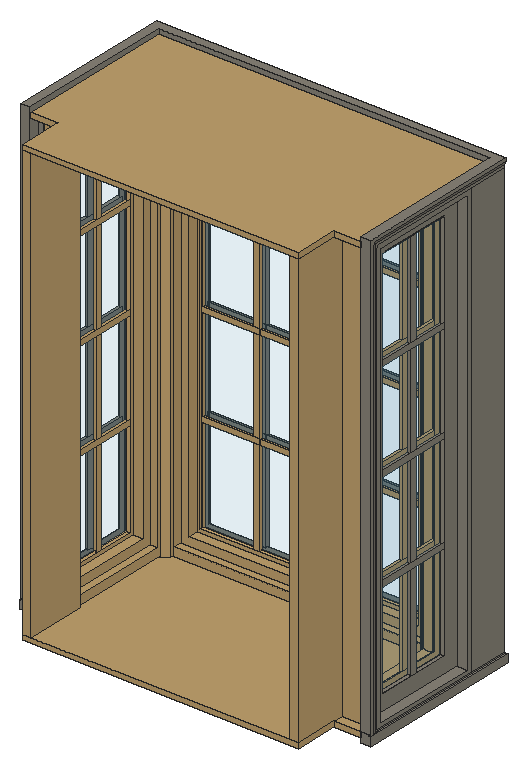
Revit family
Parameters (values of type "CUCABB_90")
  Window Type = "Clad Ultimate Casement Bay-90 Degree"
  Width Side Unit = Nominal Width Side Unit  # 1' - 4"
  Width Center Unit = Nominal Width Center Unit  # 3' - 0"
  Void Offset_SB = if(Sill Board Visibility, 0' 0 11/16", 0' 0")  # 0' - 0 11/16"
  Void Offset_S = if(Subsill A217 Visibility, 0' 1 11/32", if(Sill Board Visibility, 0' 0 11/16", if(Subsill A246 Visibility, 0' 0 9/16", 0' 0")))  # 0' - 1 11/32"
  Void Offset_HB = if(Head Board Visibility, 0' 0 11/16", 0' 0")  # 0' - 0 11/16"
  Void Offset_H = if(Flat Casing Visibility, 0' 3", if(BMC Visibility, 0' 1 5/16", if(Head Board Visibility, 0' 0 11/16", 0' 0")))  # 0' - 1 5/16"
  Void Offset_C2 = if(Flat Casing Visibility, 0' 3", 0' 1 5/16")  # 0' - 1 5/16"
  Void Offset_C = if(Casing Visibility, 0' 0", 0' 9")  # 0' - 0"
  Vent Area = VO Width * VO Height * 2  # 4.80573 SF
  VO Width = if(Width Side Unit < 1' 8", Width Side Unit - 0' 9 19/32", Width Side Unit - 0' 7 7/64")  # 0' - 6 13/32"
  VO Height = Height Without Seat_Head Board - 0' 5 29/256"  # 4' - 6 3/256"
  URL = "www.marvin.com"
  Subsill Height = if(Subsill A217 Visibility, 0' 1 11/32", 0' 0 9/16")  # 0' - 1 11/32"
  Prairie Corner Width = 0' - 4"
  Prairie Corner Height = 0' - 4"
  Offset From Wall [instance] = 0' - 0 3/4"
  Offset Constraint [instance] = if(BMC Visibility, 0' 1 5/16", if(Flat Casing Visibility, 0' 3", Offset From Wall))  # 0' - 1 5/16"
  Muntins Interior Material = Wood-Marvin-Pine
  Muntins Exterior Material = Aluminum-Marvin-Bronze
  Lite Cut Prairie 9 = no
  Lite Cut HV Grid = not(Lite Cut Prairie 9)  # yes
  Interior Material = Wood-Marvin-Pine
  Head Board Visibility = yes
  Sill Board Visibility = yes
  Projection = Width Side Unit + 0' 6 1/16"  # 1' - 10 1/16"
  Glazing Material = Glass-Marvin-IG Low E II with Argon
  Frame = "Aluminum Clad"
  Elevation Swing Visibility = yes
  Design Pressure = "DP50"
  Closure Visibility = not(Casing Visibility)  # no
  Cladding Material = Aluminum-Marvin-Bronze
  Casing Width = if(BMC Visibility, 0' 1 5/16", 0' 3")  # 0' - 1 5/16"
  Casing Visibility = yes
  Subsill Visibility = yes
  BMC Visibility = and(Casing Visibility, BMC)  # yes
  Flat Casing Visibility = and(Casing Visibility, Flat Casing)  # no
  Subsill A246 Visibility = and(Subsill Visibility, Subsill A246)  # no
  Subsill A217 Visibility = and(Subsill Visibility, Subsill A217)  # yes
  BMC = yes
  Flat Casing = not(BMC)  # no
  Subsill A246 = no
  Subsill A217 = not(Subsill A246)  # yes
  Nominal Width Side Unit = 1' - 4"
  Nominal Width Center Unit = 3' - 0"
  Nominal Height = 5' - 0"
  Model = "CUCABB_90"
  Manufacturer = "Marvin Windows and Doors"
  Lites Wide Side = 2
  Lites Wide Center = 4
  Lites High = 4
  Label Visibility = no
  Height With Seat_Head Board = Nominal Height + 0' 0 1/2"  # 5' - 0 1/2"
  Height Without Seat_Head Board = Nominal Height - 0' 0 7/8"  # 4' - 11 1/8"
  Glass Type = "IG Low E II with Argon"
  Family created by (URL) = "www.rbuiltcomponents.com"
  Rough Width = Width Center Unit + 0' 1 5/8"  # 3' - 1 5/8"
  Rough Height = Height + 0' 0 1/2"  # 5' - 1"
  Muntins Interior Visibility = yes
  Muntins Exterior Visibility = yes
  Height = if(and(Head Board Visibility, Sill Board Visibility), Nominal Height + 0' 0 1/2", if(or(Head Board Visibility, Sill Board Visibility), Nominal Height - 0' 0 3/16", Nominal Height - 0' 0 7/8"))  # 5' - 0 1/2"
  Description = "CSMT BAY"
  Default Head Height = 8' - 0"
  Wall Closure = (empty or 0)
  Width = Width Center Unit + 0' 11 5/16"  # 3' - 11 5/16"
  Daylight Area = 2 * (DLO Width Side * DLO Height) + (DLO Width Center * DLO Height)  # 18.7195 SF
  DLO Width Side = Width Side Unit - 0' 5 13/16"  # 0' - 10 3/16"
  DLO Width Center = Width Center Unit - 0' 5 13/16"  # 2' - 6 3/16"
  DLO Height = Height Without Seat_Head Board - 0' 5 13/16"  # 4' - 5 5/16"
  Assembly Code = ""
Reference planes (in)
  plane 1 "Center (Front/Back)": y = 0
  plane 2: z = 0
  plane 3 "Center (Left/Right)": x = -3
  plane 4 "Sill": z = 36.1875
  plane 5 "Top": z = 95.3125
  plane 6: z = 65.75
  plane 7 "Projection": y = 24.875
  plane 8 "HB": z = 96
  plane 9 "SB": z = 35.5
  plane 10 "Offset_H": z = 96.625
  plane 11 "Offset_S": z = 34.84375
  plane 12 "Subsill": z = 34.84375
  plane 13 "Offset_HB": z = 96
  plane 14 "Offset_SB": z = 35.5
  plane 15 "Casing": z = 96.625
  plane 16 "Offset from Wall": y = 4.3125
  plane 17: x = 15
  plane 18: x = -21
  plane 19 "Left": x = -26.65625
  plane 20 "Right": x = 20.65625
  plane 21: x = -25.5625
  plane 22: x = 19.5625
  plane 23: y = 20.3125
  plane 24 "RO Left": x = -21.8125
  plane 25 "RO Right": x = 15.8125
Forms (in)
  Extrusion 1, void
    sketch origin (0, 0, 36.1875) x (0, -1, 0) y (1, 0, 0)
      loop
        line (-3, -21.8125) -> (3, -21.8125) -> (3, 15.8125) -> (-3, 15.8125) -> (-3, -21.8125)
    from -0.6875 to 59.8125
  Extrusion 2, solid, material "Wood-Marvin-Pine" <- "Interior Material", visible <- "Sill Board Visibility"
    sketch origin (0, 0, 36.1875) x (0, -1, 0) y (1, 0, 0)
      loop
        line (-3, -25.5625) -> (-3, -21.8125) -> (3, -21.8125) -> (3, 15.8125) -> (-3, 15.8125) -> (-3, 19.5625) -> (-24.875, 19.5625) -> (-24.875, -25.5625) -> (-3, -25.5625)
    from 0 to -0.6875
  Extrusion 3, solid, material "Wood-Marvin-Pine" <- "Interior Material", visible <- "Head Board Visibility"
    sketch origin (0, 0, 95.3125) x (0, -1, 0) y (1, 0, 0)
      loop
        line (-3, -25.5625) -> (-3, -21.8125) -> (3, -21.8125) -> (3, 15.8125) -> (-3, 15.8125) -> (-3, 19.5625) -> (-24.875, 19.5625) -> (-24.875, -25.5625) -> (-3, -25.5625)
    from 0.6875 to 0
  Extrusion 4, void
    sketch origin (0, 0, 36.1875) x (0, -1, 0) y (1, 0, 0)
      loop
        line (-24.875, -25.5625) -> (-3, -25.5625) -> (-3, 19.5625) -> (-24.875, 19.5625) -> (-24.875, -25.5625)
    from 60.4375 to -1.34375
  Sweep 5, solid, material "Aluminum-Marvin-Bronze" <- "Cladding Material", visible <- "Flat Casing Visibility"
    path in 3D
      loop
        line (-25.5625, 3, 34.84375) -> (-25.5625, 3, 96.625) -> (-25.5625, 24.875, 96.625) -> (19.5625, 24.875, 96.625) -> (19.5625, 3, 96.625) -> (19.5625, 3, 34.84375)
    profile "Flat_Casing_Clad : Flat_Casing_Clad" origin (-25.5625, 3, 65.73438) x (1, 0, 0) y (0, 1, 0)
      loop
        line (-1.09375, 0) -> (0, 0) -> (0, 3) -> (-1.09375, 3) -> (-1.09375, 0)
  Sweep 6, solid, material "Aluminum-Marvin-Bronze" <- "Cladding Material", visible <- "Subsill Visibility"
    path in 3D
      loop
        line (19.5625, 3, 34.84375) -> (19.5625, 24.875, 34.84375) -> (-25.5625, 24.875, 34.84375) -> (-25.5625, 3, 34.84375)
    profile origin (-3, 24.875, 34.84375) x (0, -1, 0) y (0, 0, 1)
      loop
        line (0, 1.34375) -> (-1.09401, 1.34375) -> (-1.09401, 1.1911) -> (-1.34375, 1.15625) -> (-1.34375, 0) -> (0, 0) -> (0, 1.34375)
  Sweep 7, solid, material "Aluminum-Marvin-Bronze" <- "Cladding Material", visible <- "BMC Visibility"
    path in 3D
      loop
        line (-25.5625, 3, 36) -> (-25.5625, 3, 96.625) -> (-25.5625, 24.875, 96.625) -> (19.5625, 24.875, 96.625) -> (19.5625, 3, 96.625) -> (19.5625, 3, 36.03485)
    profile "BMC_Clad : BMC_Clad" origin (-25.5625, 3, 66.3125) x (1, 0, 0) y (0, 1, 0)
      loop
        line (-1.25, 0.59661) -> (-1.25, 0) -> (0, 0) -> (0, 1.3125) -> (-1.09375, 1.3125) -> (-1.09375, 0.93169) -> (-1.25, 0.59661)
  Extrusion 8, solid, material "Wood-Marvin-Pine" <- "Interior Material"
    sketch origin (0, 0, 36.1875) x (0, -1, 0) y (1, 0, 0)
      loop
        line (3, -21.8125) -> (3, -20.625) -> (-5.2505, -20.625) -> (-5.2505, -21) -> (-4.3125, -21) -> (-4.3125, -21.8125) -> (3, -21.8125)
      loop
        line (3, 15.8125) -> (-4.3125, 15.8125) -> (-4.3125, 15) -> (-5.2505, 15) -> (-5.2505, 14.625) -> (3, 14.625) -> (3, 15.8125)
    from 0 to 59.125
  Extrusion 9, solid, material "Aluminum-Marvin-Bronze" <- "Cladding Material"
    sketch origin (0, 0, 36.1875) x (0, -1, 0) y (1, 0, 0)
      loop
        line (-20.3125, -26.65625) -> (-20.3125, -21.08839) -> (-20.22411, -21) -> (-19.3125, -21) -> (-19.3125, -20.76256) -> (-20.07506, -20) -> (-20.3125, -20) -> (-20.3125, -20.91161) -> (-20.40089, -21) -> (-25.96901, -21) -> (-25.96901, -26.65625) -> (-20.3125, -26.65625)
      loop
        line (-20.3125, 20.65625) -> (-25.96901, 20.65625) -> (-25.96901, 15) -> (-20.40089, 15) -> (-20.3125, 14.91161) -> (-20.3125, 14) -> (-20.07506, 14) -> (-19.3125, 14.76256) -> (-19.3125, 15) -> (-20.22411, 15) -> (-20.3125, 15.08839) -> (-20.3125, 20.65625)
    from 0 to 59.125
  Extrusion 10, solid, material "Aluminum-Marvin-Bronze" <- "Cladding Material", visible <- "Closure Visibility"
    sketch origin (0, 0, 36.1875) x (0, -1, 0) y (1, 0, 0)
      loop
        line (-4.3125, -26.65625) -> (-3.03125, -26.65625) -> (-3.03125, -25.5625) -> (-4.3125, -25.5625) -> (-4.3125, -26.65625)
      loop
        line (-4.3125, 20.65625) -> (-4.3125, 19.5625) -> (-3.03125, 19.5625) -> (-3.03125, 20.65625) -> (-4.3125, 20.65625)
    from 0 to 59.125
Lines and regions (in)
  Masking region 1, visible <- "Sill Board Visibility"
    outline origin (0, 0, 36.1875) x (0, -1, 0) y (1, 0, 0)
      loop
        line (-20.3125, -21) -> (-5.2505, -21) -> (-5.2505, -20.625) -> (3, -20.625) -> (3, 14.625) -> (-5.2505, 14.625) -> (-5.2505, 15) -> (-20.3125, 15) -> (-20.3125, -21)
  Masking region 2
    outline origin (-3, 7.5, 0) x (0, 1, 0) y (0, 0, 1)
      loop
        line (18.46901, 95.3125) -> (-10.5, 95.3125) -> (-10.5, 36.1875) -> (18.46901, 36.1875) -> (18.46901, 95.3125)
  Masking region 3, visible <- "BMC Visibility"
    outline origin (0, 0, 36.1875) x (0, -1, 0) y (1, 0, 0)
      loop
        line (-4.3125, -26.65625) -> (-3.93169, -26.65625) -> (-3.59661, -26.8125) -> (-3, -26.8125) -> (-3, -25.5625) -> (-4.3125, -25.5625) -> (-4.3125, -26.65625)
      loop
        line (-4.3125, 20.65625) -> (-4.3125, 19.5625) -> (-3, 19.5625) -> (-3, 20.8125) -> (-3.59661, 20.8125) -> (-3.93169, 20.65625) -> (-4.3125, 20.65625)
  Masking region 4, visible <- "Flat Casing Visibility"
    outline origin (0, 0, 36.1875) x (0, -1, 0) y (1, 0, 0)
      loop
        line (-3, -25.5625) -> (-6, -25.5625) -> (-6, -26.65625) -> (-3, -26.65625) -> (-3, -25.5625)
      loop
        line (-3, 19.5625) -> (-3, 20.65625) -> (-6, 20.65625) -> (-6, 19.5625) -> (-3, 19.5625)
  Masking region 5
    outline origin (0, 0, 36.1875) x (0, -1, 0) y (1, 0, 0)
      loop
        line (-25.96901, -26.65625) -> (-4.3125, -26.65625) -> (-3, -26.65625) -> (-3, -21.8125) -> (3, -21.8125) -> (3, -20.625) -> (-5.2505, -20.625) -> (-5.2505, -21) -> (-20.31301, -21) -> (-20.31301, 15) -> (-5.2505, 15) -> (-5.2505, 14.625) -> (3, 14.625) -> (3, 15.8125) -> (-3, 15.8125) -> (-3, 20.65625) -> (-4.3125, 20.65625) -> (-25.96901, 20.65625) -> (-25.96901, -26.65625)
  Masking region 6, visible <- "Subsill Visibility"
    outline origin (-44.15701, 0, 0) x (0, -1, 0) y (0, 0, 1)
      loop
        line (-3, 36.1875) -> (-25.96901, 36.1875) -> (-25.96901, 36.03485) -> (-26.21875, 36) -> (-26.21875, 34.84375) -> (-3, 34.84375) -> (-3, 36.1875)
  Masking region 7, visible <- "Sill Board Visibility"
    outline origin (-44.15701, 0, 0) x (0, -1, 0) y (0, 0, 1)
      loop
        line (-24.875, 36.1875) -> (-24.875, 35.5) -> (3, 35.5) -> (3, 36.1875) -> (-24.875, 36.1875)
  Masking region 8, visible <- "Casing Visibility"
    outline origin (-44.15701, 0, 0) x (0, -1, 0) y (0, 0, 1)
      loop
        line (-25.96901, 96.625) -> (-25.96901, 95.3125) -> (-3, 95.3125) -> (-3, 96.625) -> (-25.96901, 96.625)
  Masking region 9, visible <- "Head Board Visibility"
    outline origin (-44.15701, 0, 0) x (0, -1, 0) y (0, 0, 1)
      loop
        line (-24.875, 96) -> (-24.875, 95.3125) -> (3, 95.3125) -> (3, 96) -> (-24.875, 96)
  symbolic lines, style "WindowsFrameMullionProjection", detail levels coarse+medium
    curve 1: line (-3, 25.96901, 95.3125) -> (-3, 25.96901, 94.1245)
    curve 2: line (-3, 25.96901, 94.1245) -> (-3, 20.31301, 94.1245)
    curve 3: line (-3, 20.31301, 94.1245) -> (-3, 20.31301, 95.3125)
    curve 4: line (-3, 24.50901, 94.1245) -> (-3, 24.50901, 92.4165)
    curve 5: line (-3, 24.50901, 92.4165) -> (-3, 22.88801, 92.4165)
    curve 6: line (-3, 22.88801, 37.3755) -> (-3, 22.88801, 39.0835)
    curve 7: line (-3, 25.96901, 36.1875) -> (-3, 25.96901, 37.3755)
    curve 8: line (-3, 25.96901, 37.3755) -> (-3, 20.31301, 37.3755)
    curve 9: line (-3, 20.31301, 37.3755) -> (-3, 20.31301, 36.1875)
    curve 10: line (-3, 24.50901, 39.0835) -> (-3, 22.88801, 39.0835)
    curve 11: line (-3, 22.88801, 39.0835) -> (-3, 22.88801, 92.4165)
    curve 12: line (-3, 24.50901, 39.0835) -> (-3, 24.50901, 37.3755)
    curve 13: line (-3, 22.88801, 92.4165) -> (-3, 22.88801, 94.1245)
    curve 14: line (-3, 24.50901, 92.4165) -> (-3, 24.50901, 39.0835)
    curve 32: line (-44.15701, 25.96901, 36.1875) -> (-44.15701, 20.31301, 36.1875)
    curve 42: line (-44.15701, 20.31301, 95.3125) -> (-44.15701, 25.96901, 95.3125)
    curve 91: line (-21, 5.2505, 36.1875) -> (-20.625, 5.2505, 36.1875)
    curve 92: line (-20.625, 5.2505, 36.1875) -> (-20.625, -3, 36.1875)
    curve 93: line (-20.625, -3, 36.1875) -> (-21.8125, -3, 36.1875)
    curve 94: line (-21.8125, 4.3125, 36.1875) -> (-21.8125, 3, 36.1875)
    curve 95: line (15.8125, 4.3125, 36.1875) -> (15.8125, 3, 36.1875)
    curve 96: line (14.625, 5.2505, 36.1875) -> (15, 5.2505, 36.1875)
    curve 97: line (14.625, -3, 36.1875) -> (14.625, 5.2505, 36.1875)
    curve 98: line (15.8125, -3, 36.1875) -> (14.625, -3, 36.1875)
  symbolic lines, style "WindowsFrameMullionProjection"
    curve 15: line (-3, 20.31301, 37.3755) -> (-3, 20.31301, 94.1245)
    curve 55: line (-44.15701, 17.4165, 92.4165) -> (-44.15701, 7.2085, 92.4165)
    curve 56: line (-44.15701, 7.2085, 92.4165) -> (-44.15701, 7.2085, 39.0835)
    curve 57: line (-44.15701, 7.2085, 39.0835) -> (-44.15701, 17.4165, 39.0835)
    curve 58: line (-44.15701, 19.1245, 94.1245) -> (-44.15701, 5.5005, 94.1245)
    curve 59: line (-44.15701, 5.5005, 37.3755) -> (-44.15701, 19.1245, 37.3755)
    curve 60: line (-44.15701, 4.3125, 95.3125) -> (-44.15701, 4.3125, 36.1875)
    curve 61: line (-44.15701, 5.5005, 37.3755) -> (-44.15701, 5.5005, 94.1245)
    curve 62: line (-44.15701, 19.1245, 37.3755) -> (-44.15701, 19.1245, 94.1245)
    curve 99: line (-44.15701, 17.4165, 92.4165) -> (-44.15701, 17.4165, 39.0835)
  sketch lines
    curve 16: line (-25.5625, 3, 34.84375) -> (-25.5625, 3, 96.625)
    curve 17: line (-25.5625, 3, 96.625) -> (-25.5625, 24.875, 96.625)
    curve 18: line (-25.5625, 24.875, 96.625) -> (19.5625, 24.875, 96.625)
    curve 19: line (19.5625, 24.875, 96.625) -> (19.5625, 3, 96.625)
    curve 20: line (19.5625, 3, 34.84375) -> (19.5625, 3, 96.625)
    curve 21: line (19.5625, 24.875, 34.84375) -> (-25.5625, 24.875, 34.84375)
    curve 22: line (-25.5625, 24.875, 34.84375) -> (-25.5625, 3, 34.84375)
    curve 23: line (19.5625, 3, 34.84375) -> (19.5625, 24.875, 34.84375)
    curve 24: line (-25.5625, 3, 36) -> (-25.5625, 3, 96.625)
    curve 25: line (-25.5625, 3, 96.625) -> (-25.5625, 24.875, 96.625)
    curve 26: line (-25.5625, 24.875, 96.625) -> (19.5625, 24.875, 96.625)
    curve 27: line (19.5625, 24.875, 96.625) -> (19.5625, 3, 96.625)
    curve 28: line (19.5625, 3, 36.03485) -> (19.5625, 3, 96.625)
  symbolic lines, style "WindowsGlassProjection", detail levels coarse+medium
    curve 29: line (-44.15701, 23.69851, 39.0835) -> (-44.15701, 23.69851, 92.4165)
  symbolic lines, style "Jamb Extension", visible <- "Subsill Visibility", detail levels fine
    curve 30: line (-44.15701, 26.21875, 34.84375) -> (-44.15701, 24.875, 34.84375)
    curve 31: line (-44.15701, 24.875, 34.84375) -> (-44.15701, 24.875, 36.1875)
  symbolic lines, style "WindowsFrameMullionProjection", visible <- "Subsill Visibility", detail levels coarse+medium
    curve 33: line (-44.15701, 25.96901, 36.1875) -> (-44.15701, 25.96901, 36.03485)
    curve 34: line (-44.15701, 25.96901, 36.03485) -> (-44.15701, 26.21875, 36)
    curve 35: line (-44.15701, 26.21875, 36) -> (-44.15701, 26.21875, 34.84375)
    curve 36: line (-44.15701, 26.21875, 34.84375) -> (-44.15701, 24.875, 34.84375)
    curve 37: line (-44.15701, 24.875, 34.84375) -> (-44.15701, 24.875, 36.1875)
  symbolic lines, style "WindowsFrameMullionProjection", visible <- "Sill Board Visibility", detail levels coarse+medium
    curve 38: line (-44.15701, -3, 36.1875) -> (-44.15701, 24.875, 36.1875)
    curve 39: line (-44.15701, 24.875, 35.5) -> (-44.15701, -3, 35.5)
    curve 40: line (-44.15701, -3, 35.5) -> (-44.15701, -3, 36.1875)
    curve 41: line (-44.15701, 24.875, 36.1875) -> (-44.15701, 24.875, 35.5)
  symbolic lines, style "WindowsFrameMullionProjection", visible <- "Head Board Visibility", detail levels coarse+medium
    curve 43: line (-44.15701, 24.875, 96) -> (-44.15701, -3, 96)
    curve 44: line (-44.15701, 24.875, 95.3125) -> (-44.15701, 24.875, 96)
    curve 45: line (-44.15701, -3, 95.3125) -> (-44.15701, 24.875, 95.3125)
    curve 46: line (-44.15701, -3, 96) -> (-44.15701, -3, 95.3125)
  symbolic lines, style "WindowsFrameMullionProjection", visible <- "Casing Visibility", detail levels coarse+medium
    curve 47: line (-44.15701, 25.96901, 96.625) -> (-44.15701, 24.875, 96.625)
    curve 48: line (-44.15701, 25.96901, 95.3125) -> (-44.15701, 25.96901, 96.625)
    curve 49: line (-44.15701, 24.875, 95.3125) -> (-44.15701, 25.96901, 95.3125)
    curve 50: line (-44.15701, 24.875, 96.625) -> (-44.15701, 24.875, 95.3125)
    curve 68: line (-25.5625, 3.03125, 36.1875) -> (-26.65625, 3.03125, 36.1875)
    curve 75: line (19.5625, 3.03125, 36.1875) -> (20.65625, 3.03125, 36.1875)
  symbolic lines, style "Jamb Extension", visible <- "Casing Visibility", detail levels fine
    curve 51: line (-44.15701, 25.96901, 96.625) -> (-44.15701, 24.875, 96.625)
    curve 52: line (-44.15701, 25.96901, 95.3125) -> (-44.15701, 25.96901, 96.625)
    curve 53: line (-44.15701, 24.875, 95.3125) -> (-44.15701, 25.96901, 95.3125)
    curve 54: line (-44.15701, 24.875, 96.625) -> (-44.15701, 24.875, 95.3125)
  symbolic lines, style "WindowsFrameMullionProjection", visible <- "Flat Casing Visibility", detail levels coarse+medium
    curve 63: line (-25.5625, 4.3125, 36.1875) -> (-25.5625, 3.03125, 36.1875)
    curve 67: line (-26.65625, 3.03125, 36.1875) -> (-26.65625, 4.3125, 36.1875)
    curve 70: line (19.5625, 4.3125, 36.1875) -> (19.5625, 3.03125, 36.1875)
    curve 74: line (20.65625, 3.03125, 36.1875) -> (20.65625, 4.3125, 36.1875)
  symbolic lines, style "WindowsFrameMullionProjection", visible <- "BMC Visibility", detail levels coarse+medium
    curve 64: line (-26.8125, 3, 36.1875) -> (-26.8125, 3.59661, 36.1875)
    curve 65: line (-26.8125, 3.59661, 36.1875) -> (-26.65625, 3.93169, 36.1875)
    curve 66: line (-26.65625, 3.93169, 36.1875) -> (-26.65625, 4.3125, 36.1875)
    curve 69: line (-26.65625, 3, 36.1875) -> (-26.8125, 3, 36.1875)
    curve 71: line (20.8125, 3.03125, 36.1875) -> (20.8125, 3.59661, 36.1875)
    curve 72: line (20.8125, 3.59661, 36.1875) -> (20.65625, 3.93169, 36.1875)
    curve 73: line (20.65625, 3.93169, 36.1875) -> (20.65625, 4.3125, 36.1875)
    curve 76: line (20.65625, 3.03125, 36.1875) -> (20.8125, 3.03125, 36.1875)
  symbolic lines, style "WindowsFrameMullionProjection", visible <- "Closure Visibility", detail levels coarse+medium
    curve 77: line (19.5625, 4.3125, 36.1875) -> (19.5625, 3.03125, 36.1875)
    curve 78: line (20.65625, 3.03125, 36.1875) -> (20.65625, 4.3125, 36.1875)
    curve 79: line (19.5625, 3.03125, 36.1875) -> (20.65625, 3.03125, 36.1875)
    curve 80: line (-25.5625, 4.3125, 36.1875) -> (-25.5625, 3.03125, 36.1875)
    curve 81: line (-26.65625, 3.03125, 36.1875) -> (-26.65625, 4.3125, 36.1875)
    curve 82: line (-25.5625, 3.03125, 36.1875) -> (-26.65625, 3.03125, 36.1875)
  symbolic lines, style "Jamb Extension", visible <- "Closure Visibility", detail levels fine
    curve 83: line (-25.5625, 4.3125, 36.1875) -> (-25.5625, 3.03125, 36.1875)
    curve 84: line (-26.65625, 3.03125, 36.1875) -> (-26.65625, 4.3125, 36.1875)
    curve 85: line (-25.5625, 3.03125, 36.1875) -> (-26.65625, 3.03125, 36.1875)
    curve 86: line (19.5625, 4.3125, 36.1875) -> (19.5625, 3.03125, 36.1875)
    curve 87: line (20.65625, 3.03125, 36.1875) -> (20.65625, 4.3125, 36.1875)
    curve 88: line (19.5625, 3.03125, 36.1875) -> (20.65625, 3.03125, 36.1875)
  symbolic lines, style "Jamb Extension", detail levels fine
    curve 89: line (15.8125, 4.3125, 36.1875) -> (15.8125, 3, 36.1875)
    curve 90: line (-21.8125, 4.3125, 36.1875) -> (-21.8125, 3, 36.1875)
Text (in)
  text "EXTERIOR" at (-58.6888, 50.90694, 0), in view "Ref. Level"
  text "INTERIOR" at (-58.6888, -37.76638, 0), in view "Ref. Level"
  text "Exterior" at (0, 43.65631, 123.19604), in view "Left"
  text "Exterior" at (0, 18.29385, 125.04747), in view "Right"
Dimensions and locks (in)
  "Height With Seat_Head Board": plane 9 "SB" to plane 8 "HB"
  equal spacing: plane 4 "Sill", plane 6, plane 5 "Top"
  "Default Head Height": plane 2 to plane 8 "HB"
  locked: nested 2 to Sweep 6 at 6
  "Width Side Unit": plane 16 "Offset from Wall" to plane 23
  locked: plane 5 "Top" to plane 8 "HB" at 0.6875
  locked: plane 9 "SB" to plane 4 "Sill" at 0.6875
  "Void Offset_H": plane 10 "Offset_H" to plane 5 "Top"
  "Void Offset_S": plane 4 "Sill" to plane 11 "Offset_S"
  "Subsill Height": plane 12 "Subsill" to plane 4 "Sill"
  locked: Sweep 6 sketch curve to Sweep 6 sketch curve at 1.34375
  "Void Offset_HB": plane 5 "Top" to plane 13 "Offset_HB"
  "Void Offset_SB": plane 14 "Offset_SB" to plane 4 "Sill"
  locked: Masking region 7 sketch curve to plane 4 "Sill" at 0.6875
  locked: plane 5 "Top" to Masking region 9 sketch curve at 0.6875
  "Casing Width": plane 5 "Top" to plane 15 "Casing"
  "Offset Constraint": plane 16 "Offset from Wall" to host wall
  equal spacing: plane 18, plane 3 "Center (Left/Right)", plane 17
  "Width Center Unit": plane 18 to plane 17
  locked: plane 19 "Left" to plane 18 at 5.65625
  locked: plane 17 to plane 20 "Right" at 5.65625
  locked: plane 21 to plane 18 at 4.5625
  locked: plane 17 to plane 22 at 4.5625
  locked: plane 23 to plane 7 "Projection" at 4.5625
  locked: plane 18 to Extrusion 9 sketch curve at 1
  locked: Extrusion 9 sketch curve to plane 17 at 1
  locked: Extrusion 9 sketch curve to plane 23 at 1  (x2)
  locked: Extrusion 10 sketch curve to host wall at 0.03125
  locked: host wall to Extrusion 10 sketch curve at 0.03125
  locked: plane 18 to Extrusion 8 sketch curve at 0.375
  locked: Extrusion 8 sketch curve to plane 17 at 0.375
  locked: plane 16 "Offset from Wall" to Extrusion 8 sketch curve at 0.938  (x2)
  locked: plane 24 "RO Left" to plane 18 at 0.8125
  locked: plane 17 to plane 25 "RO Right" at 0.8125
  aligned and locked: nested 1 to plane 3 "Center (Left/Right)"
  aligned and locked: Masking region 1 sketch curve to host wall
  aligned and locked: Masking region 2 sketch curve to plane 5 "Top"
  aligned and locked: Masking region 2 sketch curve to plane 4 "Sill"
  aligned and locked: plane 3 "Center (Left/Right)" to nested 2
  aligned and locked: curve 8 to curve 15
  aligned and locked: Extrusion 1 sketch curve to host wall  (x2)
  aligned and locked: plane 3 "Center (Left/Right)" to nested 3
  aligned and locked: nested 3 to plane 5 "Top"
  aligned and locked: nested 4 to plane 5 "Top"
  aligned and locked: plane 7 "Projection" to nested 3
  aligned and locked: Extrusion 2 sketch curve to nested 3
  aligned and locked: Extrusion 2 sketch curve to host wall  (x2)
  aligned and locked: Extrusion 2 to plane 4 "Sill"
  aligned and locked: Extrusion 3 to plane 5 "Top"
  aligned and locked: Extrusion 3 to plane 8 "HB"
  aligned and locked: plane 9 "SB" to Extrusion 2
  aligned and locked: plane 12 "Subsill" to Extrusion 4
  aligned and locked: Sweep 6 sketch curve to nested 3
  aligned and locked: Extrusion 4 to Sweep 6 sketch curve
  aligned and locked: nested 3 to Sweep 6 sketch curve
  aligned and locked: plane 4 "Sill" to Extrusion 8
  aligned and locked: Extrusion 8 to plane 5 "Top"
  aligned and locked: Extrusion 1 to plane 13 "Offset_HB"
  aligned and locked: plane 14 "Offset_SB" to Extrusion 1
  aligned and locked: Masking region 1 sketch curve to nested 3
  aligned and locked: Masking region 5 sketch curve to Sweep 6
  aligned and locked: nested 5 to plane 4 "Sill"
  aligned and locked: plane 7 "Projection" to nested 5
  aligned and locked: Masking region 2 sketch curve to host wall
  aligned and locked: curve 4 to nested 5
  aligned and locked: curve 13 to nested 5
  aligned and locked: curve 9 to nested 5
  aligned and locked: curve 5 to nested 5
  aligned and locked: curve 10 to nested 5
  aligned and locked: curve 10 to curve 29
  aligned and locked: curve 5 to curve 29
  aligned and locked: Masking region 6 sketch curve to plane 4 "Sill"
  aligned and locked: Masking region 6 sketch curve to Sweep 6  (x4)
  aligned and locked: Masking region 7 sketch curve to host wall
  aligned and locked: plane 7 "Projection" to Masking region 7 sketch curve
  aligned and locked: Masking region 7 sketch curve to plane 4 "Sill"
  aligned and locked: curve 30 to Sweep 6  (x2)
  aligned and locked: nested 5 to curve 31
  aligned and locked: curve 32 to nested 5
  aligned and locked: curve 33 to Sweep 6
  aligned and locked: curve 34 to Sweep 6
  aligned and locked: curve 35 to Sweep 6
  aligned and locked: plane 7 "Projection" to curve 37
  aligned and locked: curve 38 to Masking region 7
  aligned and locked: curve 39 to Masking region 7
  aligned and locked: curve 40 to Masking region 7
  aligned and locked: curve 41 to Masking region 7
  aligned and locked: Extrusion 4 to plane 10 "Offset_H"
  aligned and locked: Masking region 8 sketch curve to plane 5 "Top"
  aligned and locked: plane 7 "Projection" to Masking region 9 sketch curve
  aligned and locked: Masking region 9 sketch curve to host wall
  aligned and locked: curve 42 to nested 5
  aligned and locked: curve 45 to Masking region 9
  aligned and locked: curve 46 to Extrusion 3
  aligned and locked: plane 7 "Projection" to curve 44
  aligned and locked: plane 5 "Top" to curve 49
  aligned and locked: curve 50 to plane 7 "Projection"
  aligned and locked: curve 55 to nested 4
  aligned and locked: curve 56 to nested 4
  aligned and locked: curve 57 to nested 4
  aligned and locked: nested 4 to curve 58
  aligned and locked: nested 4 to curve 59
  aligned and locked: curve 61 to nested 4
  aligned and locked: curve 62 to nested 4
  aligned and locked: curve 43 to Masking region 9
  aligned and locked: plane 15 "Casing" to Masking region 8 sketch curve
  aligned and locked: plane 15 "Casing" to curve 51
  aligned and locked: plane 16 "Offset from Wall" to nested 1
  aligned and locked: plane 21 to Extrusion 4 sketch curve
  aligned and locked: plane 22 to Extrusion 4 sketch curve
  aligned and locked: plane 21 to nested 4
  aligned and locked: nested 4 to plane 16 "Offset from Wall"
  aligned and locked: plane 21 to Extrusion 2 sketch curve
  aligned and locked: Extrusion 2 sketch curve to plane 22
  aligned and locked: plane 21 to Extrusion 3 sketch curve
  aligned and locked: Extrusion 3 sketch curve to plane 22
  aligned and locked: plane 19 "Left" to Extrusion 9 sketch curve
  aligned and locked: plane 23 to Extrusion 9 sketch curve
  aligned and locked: Extrusion 9 sketch curve to plane 18  (x2)
  aligned and locked: Extrusion 9 sketch curve to plane 17
  aligned and locked: Extrusion 9 sketch curve to Sweep 6
  aligned and locked: Sweep 6 to Extrusion 9 sketch curve
  aligned and locked: plane 20 "Right" to Extrusion 9 sketch curve
  aligned and locked: Extrusion 9 sketch curve to plane 23
  aligned and locked: plane 22 to nested 6
  aligned and locked: plane 16 "Offset from Wall" to nested 6
  aligned and locked: Extrusion 3 sketch curve to host wall
  aligned and locked: host wall to Extrusion 3 sketch curve
  aligned and locked: host wall to Extrusion 2 sketch curve
  aligned and locked: plane 16 "Offset from Wall" to Extrusion 10 sketch curve
  aligned and locked: plane 19 "Left" to Extrusion 10 sketch curve
  aligned and locked: Extrusion 10 sketch curve to plane 21
  aligned and locked: Extrusion 10 sketch curve to plane 16 "Offset from Wall"
  aligned and locked: plane 20 "Right" to Extrusion 10 sketch curve
  aligned and locked: Extrusion 10 sketch curve to plane 22
  aligned and locked: plane 4 "Sill" to Extrusion 10
  aligned and locked: Extrusion 10 to plane 5 "Top"
  aligned and locked: plane 16 "Offset from Wall" to Masking region 3 sketch curve
  aligned and locked: Masking region 3 sketch curve to Sweep 7  (x8)
  aligned and locked: Masking region 3 sketch curve to plane 21
  aligned and locked: Masking region 3 sketch curve to plane 16 "Offset from Wall"
  aligned and locked: Masking region 3 sketch curve to plane 22
  aligned and locked: Masking region 4 sketch curve to Sweep 5  (x6)
  aligned and locked: Masking region 4 sketch curve to plane 21
  aligned and locked: Masking region 4 sketch curve to plane 22
  aligned and locked: Extrusion 8 sketch curve to plane 16 "Offset from Wall"
  aligned and locked: host wall to Extrusion 8 sketch curve
  aligned and locked: plane 16 "Offset from Wall" to Extrusion 8 sketch curve
  aligned and locked: Extrusion 8 sketch curve to host wall
  aligned and locked: plane 18 to Masking region 1 sketch curve
  aligned and locked: plane 17 to Masking region 1 sketch curve
  aligned and locked: Masking region 5 sketch curve to plane 18
  aligned and locked: plane 19 "Left" to Masking region 5 sketch curve
  aligned and locked: Masking region 5 sketch curve to Extrusion 8  (x4)
  aligned and locked: host wall to Masking region 5 sketch curve  (x2)
  aligned and locked: plane 20 "Right" to Masking region 5 sketch curve
  aligned and locked: Masking region 5 sketch curve to plane 17
  aligned and locked: Masking region 5 sketch curve to host wall
  aligned and locked: Masking region 1 sketch curve to Extrusion 8  (x4)
  aligned and locked: curve 69 to Sweep 7
  aligned and locked: curve 64 to Sweep 7
  aligned and locked: curve 65 to Sweep 7
  aligned and locked: curve 66 to Sweep 7
  aligned and locked: curve 63 to plane 21
  aligned and locked: plane 19 "Left" to curve 67
  aligned and locked: Sweep 7 to curve 71
  aligned and locked: curve 72 to Sweep 7
  aligned and locked: curve 73 to Sweep 7
  aligned and locked: plane 20 "Right" to curve 74
  aligned and locked: plane 16 "Offset from Wall" to curve 77
  aligned and locked: curve 79 to Extrusion 10
  aligned and locked: plane 16 "Offset from Wall" to curve 80
  aligned and locked: curve 82 to Extrusion 10
  aligned and locked: host wall to Extrusion 4 sketch curve
  aligned and locked: plane 16 "Offset from Wall" to curve 63
  aligned and locked: plane 16 "Offset from Wall" to curve 70
  aligned and locked: plane 16 "Offset from Wall" to Masking region 5 sketch curve  (x2)
  aligned and locked: plane 24 "RO Left" to Extrusion 1 sketch curve
  aligned and locked: Extrusion 1 sketch curve to plane 25 "RO Right"
  aligned and locked: plane 24 "RO Left" to Masking region 5 sketch curve
  aligned and locked: plane 25 "RO Right" to Masking region 5 sketch curve
  aligned and locked: Extrusion 8 sketch curve to plane 24 "RO Left"
  aligned and locked: Extrusion 8 sketch curve to plane 25 "RO Right"
  aligned and locked: curve 86 to plane 22
  aligned and locked: plane 16 "Offset from Wall" to curve 87
  aligned and locked: plane 16 "Offset from Wall" to curve 86
  aligned and locked: plane 16 "Offset from Wall" to curve 84
  aligned and locked: plane 16 "Offset from Wall" to curve 83
  aligned and locked: plane 16 "Offset from Wall" to Masking region 3  (x2)
  aligned and locked: Extrusion 8 to curve 89
  aligned and locked: curve 89 to Extrusion 8
  aligned and locked: curve 90 to Extrusion 8  (x2)
  aligned and locked: curve 91 to Extrusion 8
  aligned and locked: curve 92 to Extrusion 8
  aligned and locked: curve 93 to Extrusion 8
  aligned and locked: curve 96 to Extrusion 8
  aligned and locked: curve 97 to Extrusion 8
  aligned and locked: curve 98 to Extrusion 8
  aligned and locked: curve 52 to Extrusion 9
  aligned and locked: Masking region 8 sketch curve to Extrusion 9
  aligned and locked: host wall to Masking region 8 sketch curve
  aligned and locked: plane 4 "Sill" to curve 60
  aligned and locked: Masking region 6 sketch curve to host wall
  aligned and locked: Sweep 6 sketch curve to Extrusion 2
  aligned and locked: Extrusion 9 to plane 5 "Top"
  aligned and locked: plane 4 "Sill" to Extrusion 9
Automatic sketch dimensions
  Extrusion 8 sketch curve to plane 18 = 0' - 0"
  Extrusion 8 sketch curve to plane 17 = 0' - 0"
  Extrusion 2 sketch curve to plane 24 "RO Left" = 0' - 0"
  Extrusion 2 sketch curve to plane 25 "RO Right" = 0' - 0"
  curve 7 to plane 4 "Sill" = 0' - 0"
  curve 1 to plane 5 "Top" = 0' - 0"
  curve 9 to plane 4 "Sill" = 0' - 0"
  curve 3 to plane 5 "Top" = 0' - 0"
  curve 8 to plane 7 "Projection" = 0' - 1.09401"
  curve 1 to plane 7 "Projection" = 0' - 1.09401"
  curve 9 to curve 9 = 0' - 1.188"
  plane 5 "Top" to curve 3 = 0' - 1.188"
  curve 89 to plane 16 "Offset from Wall" = 0' - 0"
  curve 94 to host wall = 0' - 0"
  curve 89 to host wall = 0' - 0"
  curve 93 to plane 24 "RO Left" = 0' - 0"
  curve 91 to plane 18 = 0' - 0"
  curve 96 to plane 17 = 0' - 0"
  curve 98 to plane 25 "RO Right" = 0' - 0"
  Masking region 2 sketch curve to plane 7 "Projection" = 0' - 1.09401"
  Extrusion 3 sketch curve to plane 7 "Projection" = 0' - 0"
  Extrusion 3 sketch curve to host wall = 0' - 0"
  Extrusion 3 sketch curve to plane 24 "RO Left" = 0' - 0"
  Extrusion 3 sketch curve to plane 25 "RO Right" = 0' - 0"
  plane 7 "Projection" to curve 29 = 0' - 1.17649"
  curve 42 to plane 23 = 0' - 0.00051"
  curve 32 to plane 23 = 0' - 0.00051"
  Extrusion 4 sketch curve to plane 7 "Projection" = 0' - 0"
  Sweep 6 sketch curve to Sweep 6 sketch curve = 0' - 0.03485"
  Sweep 6 sketch curve to Sweep 6 sketch curve = 0' - 0.15265"
  Masking region 5 sketch curve to host wall = 0' - 0"
  Masking region 5 sketch curve to plane 23 = 0' - 0.00051"
  Masking region 9 sketch curve to plane 5 "Top" = 0' - 0"
  Extrusion 9 sketch curve to plane 23 = 0' - 0"  (x2)
  Extrusion 9 sketch curve to plane 17 = 0' - 0"
  Extrusion 9 sketch curve to plane 23 = 0' - 0.08839"  (x2)
  plane 23 to Extrusion 9 sketch curve = 0' - 0.08839"  (x2)
  Extrusion 9 sketch curve to Extrusion 9 sketch curve = 0' - 0.23744"  (x3)
  Extrusion 9 sketch curve to plane 18 = 0' - 0.08839"
  plane 18 to Extrusion 9 sketch curve = 0' - 0.08839"
  Extrusion 9 sketch curve to plane 17 = 0' - 0.23744"
  Extrusion 9 sketch curve to plane 17 = 0' - 0.08839"
  plane 17 to Extrusion 9 sketch curve = 0' - 0.08839"
  curve 69 to plane 19 "Left" = 0' - 0"
  curve 58 to curve 55 = 0' - 1.708"
  curve 60 to plane 16 "Offset from Wall" = 0' - 0"
Nested families (in)
  nested 1: "Bay_Plan_Detail" at (-3, 4.8125, 36.1875) x (-1, 0, 0) z (0, 0, -1), type "Casement_Plan_Detail"
  nested 2: "Label Annotation 1-16 w4" at (-3, 31.96901, 0), visible <- "Label Visibility", type "Label Annotation 1-16 w4"
    with Nominal Width 3' - 11 5/16"
  nested 3: "Window-Casement-Marvin-Clad_Ultimate" at (-3, 24.875, -0.6875), Unit Width <- "Width Center Unit", type "Window-Casement-Marvin-Clad_Ultimate Center"
    with Unit Width 3' - 0", Elevation Swing RH no, Elevation Swing LH no, DLO Width 2' - 6 3/16", DLO Height 4' - 5 5/16"
  nested 4: "Window-Casement-Marvin-Clad_Ultimate" at (-25.5625, 12.3125, -0.6875) x (0, 1, 0) z (0, 0, 1), Unit Width <- "Width Side Unit", type "Window-Casement-Marvin-Clad_Ultimate Side"
    with Unit Width 1' - 4", Elevation Swing RH yes, Elevation Swing LH no, DLO Width 0' - 10 3/16", DLO Height 4' - 5 5/16", Lites Wide 2
  nested 5: "Bay_Section_Detail" at (-44.15701, 24.875, 36.1875) x (0, -1, 0) z (-1, 0, 0), type "Casement_Section_Detail", detail levels fine
    with Height 4' - 11 1/8"
  nested 6: "Window-Casement-Marvin-Clad_Ultimate" at (19.5625, 12.3125, -0.6875) x (0, 1, 0) z (0, 0, 1), Unit Width <- "Width Side Unit", type "Window-Casement-Marvin-Clad_Ultimate Side"
    with Unit Width 1' - 4", Elevation Swing RH yes, Elevation Swing LH no, DLO Width 0' - 10 3/16", DLO Height 4' - 5 5/16", Lites Wide 2
Definition of nested family "Window-Casement-Marvin-Clad_Ultimate"
  Parameters (values of type "Window-Casement-Marvin-Clad_Ultimate Center")
    Width = 0' - 0"
    Unit Width [instance] = 3' - 0"
    Prairie Corner Width = 0' - 4"
    Prairie Corner Height = 0' - 4"
    Muntins Interior Material = Wood-Marvin-Pine
    Muntins Exterior Material = Aluminum-Marvin-Bronze
    Lites Wide = 4
    Lites High = 4
    Lite Cut Prairie 9 = no
    Lite Cut HV Grid = yes
    Interior Grille = yes
    Interior Finish = Wood-Marvin-Pine
    Height = 4' - 11 1/8"
    Glazing Material = Glass-Marvin-IG Low E II with Argon
    Exterior Grille = yes
    Elevation Swing RH [instance] = yes
    Elevation Swing LH [instance] = no
    DLO Width [instance] = Unit Width - 0' 5 13/16"  # 2' - 6 3/16"
    DLO Height [instance] = Height - 0' 5 13/16"  # 4' - 5 5/16"
    Cladding Finish = Aluminum-Marvin-Bronze
    Assembly Code = ""
  Types (2): name | Unit Width | Muntins Interior Material | Muntins Exterior Material | Lites Wide | DLO Width
    Window-Casement-Marvin-Clad_Ultimate Side | 2' - 0" | none | none | 3 | 1' - 6 3/16"
    Window-Casement-Marvin-Clad_Ultimate Center | 3' - 0" | Wood-Marvin-Pine | Aluminum-Marvin-Bronze | 4 | 2' - 6 3/16"
  Reference planes (in)
    plane 1 "Center (Front/Back)": y = 0
    plane 2: z = 0
    plane 3 "Center (Left/Right)": x = 0
    plane 4: x = 18
    plane 5: x = -18
    plane 6 "Glazing": y = -0.75
    plane 7: y = -4.5625
    plane 8: z = 96
    plane 9: z = 36.875
    plane 10: z = 66.4375
  Forms (in)
    Sweep 1, solid, material "Aluminum-Marvin-Bronze" <- "Cladding Finish"
      path origin (0, -0.75, 0) x (1, 0, 0) y (0, 0, 1)
        loop
          line (-18, 36.875) -> (18, 36.875) -> (18, 96) -> (-18, 96) -> (-18, 36.875)
      profile "Profile_Ext_Clad_Frame : Profile_Ext_Clad_Frame" origin (0, -0.75, 36.875) x (0, 0, 1) y (0, -1, 0)
        loop
          line (0, 0) -> (0, -1.84401) -> (0.52105, -1.84401) -> (0.62315, -0.38401) -> (2.696, -0.38401) -> (2.696, -0.2654) -> (2.896, -0.0654) -> (2.896, 0) -> (0, 0)
    Sweep 2, solid, material "Wood-Marvin-Pine" <- "Interior Finish"
      path origin (0, -0.75, 0) x (1, 0, 0) y (0, 0, 1)
        loop
          line (18, 36.875) -> (18, 96) -> (-18, 96) -> (-18, 36.875) -> (18, 36.875)
      profile "Profile_Int_Frame : Profile_Int_Frame" origin (0, -0.75, 36.875) x (0, 0, -1) y (0, -1, 0)
        loop
          line (0, 0) -> (0, 3.81199) -> (-1.188, 3.81199) -> (-1.188, 2.71113) -> (-2.30184, 2.71113) -> (-2.30184, 1.23699) -> (-2.7085, 1.23699) -> (-2.7085, 1.13715) -> (-2.896, 0.94965) -> (-2.896, 0.75299) -> (-2.208, 0.75299) -> (-2.208, 0) -> (0, 0)
    Extrusion 3, solid, material "Glass-Marvin-IG Low E II with Argon" <- "Glazing Material"
      sketch origin (0, -0.75, 0) x (1, 0, 0) y (0, 0, 1)
        loop
          line (15.75, 93.75) -> (-15.75, 93.75) -> (-15.75, 39.125) -> (15.75, 39.125) -> (15.75, 93.75)
      from 0 to 0.75299
  Lines and regions (in)
    symbolic lines, style "Elevation Swing", visible <- "Elevation Swing RH"
      curve 1: line (17.37685, 0, 37.49815) -> (-17.37685, 0, 66.4375)
      curve 2: line (17.37685, 0, 95.37685) -> (-17.37685, 0, 66.4375)
    symbolic lines, style "Elevation Swing", visible <- "Elevation Swing LH"
      curve 3: line (-17.37685, 0, 37.49815) -> (17.37685, 0, 66.4375)
      curve 4: line (-17.37685, 0, 95.37685) -> (17.37685, 0, 66.4375)
  Dimensions and locks (in)
    equal spacing: plane 5, plane 3 "Center (Left/Right)", plane 4
    "Unit Width": plane 5 to plane 4
    locked: plane 6 "Glazing" to plane 1 "Center (Front/Back)" at 0.75
    locked: plane 7 to plane 1 "Center (Front/Back)" at 4.5625
    plane 2 to plane 8 = 8' - 0"
    "Height": plane 9 to plane 8
    equal spacing: plane 9, plane 10, plane 8
    locked: Extrusion 3 sketch curve to plane 8 at 2.25
    locked: plane 9 to Extrusion 3 sketch curve at 2.25
    locked: Extrusion 3 sketch curve to plane 5 at 2.25
    plane 4 to Extrusion 3 sketch curve = 0' - 2 1/4"
    locked: nested 1 to plane 6 "Glazing" at 0.76563
    aligned and locked: Sweep 1 sketch curve to plane 4
    aligned and locked: plane 9 to Sweep 1 sketch curve
    aligned and locked: plane 5 to Sweep 1 sketch curve
    aligned and locked: Sweep 1 sketch curve to plane 8
    aligned and locked: plane 9 to Sweep 2 sketch curve
    aligned and locked: Sweep 2 sketch curve to plane 8
    aligned and locked: Sweep 2 sketch curve to plane 4
    aligned and locked: plane 5 to Sweep 2 sketch curve
    aligned and locked: Extrusion 3 to plane 6 "Glazing"
    aligned and locked: Extrusion 3 to Sweep 2
    aligned and locked: plane 3 "Center (Left/Right)" to nested 1
    aligned and locked: plane 10 to nested 1
    aligned and locked: nested 2 to plane 10
    aligned and locked: nested 2 to plane 3 "Center (Left/Right)"
    aligned and locked: Sweep 1 to curve 3  (x2)
    aligned and locked: curve 4 to Sweep 1
    aligned and locked: curve 1 to Sweep 1
    aligned and locked: Sweep 1 to curve 1
    aligned and locked: Sweep 1 to curve 2
  Automatic sketch dimensions
    curve 2 to plane 10 = 0' - 0"
    curve 4 to plane 10 = 0' - 0"
    plane 9 to curve 1 = 0' - 0.62315"
    plane 9 to curve 3 = 0' - 0.62315"
    curve 4 to plane 8 = 0' - 0.62315"
    curve 2 to plane 8 = 0' - 0.62315"
  Nested families (in)
    nested 1: "Muntins" at (0, -1.51563, 3.78125), visible <- "Interior Grille", Muntin Material <- "Muntins Interior Material", type "Muntins"
      with Muntin Material Wood-Marvin-Pine, GlazingWidth 2' - 6 3/16", GlazingHeight 4' - 5 5/16", Width 2' - 6 5/8", VerticalMuntins 3, LitesVertical 4, LitesHorizontal 4, HorizontalMuntins 3, Height 4' - 5 3/4", Inset Vert 0' - 7 9/32", Inset Horiz 1' - 1 1/16"
    nested 2: "Muntins" at (0, -0.75, 3.78125), visible <- "Exterior Grille", Muntin Material <- "Muntins Exterior Material", type "Muntins"
      with Muntin Material Aluminum-Marvin-Bronze, GlazingWidth 2' - 6 3/16", GlazingHeight 4' - 5 5/16", Width 2' - 6 5/8", VerticalMuntins 3, LitesVertical 4, LitesHorizontal 4, HorizontalMuntins 3, Height 4' - 5 3/4", Inset Vert 0' - 7 9/32", Inset Horiz 1' - 1 1/16"
  Definition of nested family "Muntins"
    Parameters (values of type "Muntins")
      PrairieMuntVisible = no
      Prairie Corner Width = 0' - 4"
      Prairie Corner Height = 0' - 4"
      Muntin Extension = 0' - 0 7/16"
      GridMuntVisible = yes
      GlazingWidth = 2' - 0"
      GlazingHeight = 2' - 11 1/8"
      Width = GlazingWidth + Muntin Extension  # 2' - 0 7/16"
      VerticalMuntins = if(LitesHorizontal < 3, 2, LitesHorizontal - 1)  # 2
      VertMuntVisible = and(GridMuntVisible, LitesHorizontal > 2)  # yes
      MuntinWidth = 0' - 0 3/4"
      MuntinDepth [instance] = 0' - 0 3/8"
      Muntin Material [instance] = none
      LitesVertical = 3
      LitesHorizontal = 3
      HorizontalMuntins = if(LitesVertical < 3, 2, LitesVertical - 1)  # 2
      HorizMuntVisible = and(GridMuntVisible, LitesVertical > 2)  # yes
      Height = GlazingHeight + Muntin Extension  # 2' - 11 9/16"
      Inset Vert = if(LitesHorizontal < 3, (Width / 3) - (MuntinWidth / 2), (Width / LitesHorizontal) - (MuntinWidth / 2))  # 0' - 7.77083"
      Inset Horiz = if(LitesVertical < 3, (Height / 3) - (MuntinWidth / 2), (Height / LitesVertical) - (MuntinWidth / 2))  # 0' - 11.47917"
      CenterMuntinVertical = and(GridMuntVisible, LitesHorizontal = 2)  # no
      CenterMuntinHorizontal = and(GridMuntVisible, LitesVertical = 2)  # no
      Assembly Code = ""
    Reference planes (in)
      plane 1 "Center (Front/Back)": y = 0
      plane 2: z = 0
      plane 3 "Center (Left/Right)": x = 0
      plane 4: z = 35.78125
      plane 5: z = 53.5625
      plane 6: z = 71.34375
      plane 7: z = 59.86458
      plane 8: z = 47.26042
      plane 9: z = 71.125
      plane 10: z = 36
      plane 11: x = -12
      plane 12: x = 12
      plane 13: x = -4.44792
      plane 14: x = -12.21875
      plane 15: x = 12.21875
      plane 16: x = 4.44792
      plane 17: z = 67.125
      plane 18: z = 40
      plane 19: x = -8
      plane 20: x = 8
    Forms (in)
      Extrusion 1, solid, material <- "Muntin Material", visible <- "CenterMuntinVertical", detail levels medium+fine
        sketch origin (9, 0, 0) x (1, 0, 0) y (0, 0, 1)
          loop
            line (-9.375, 71.34375) -> (-9.375, 35.78125) -> (-8.625, 35.78125) -> (-8.625, 71.34375) -> (-9.375, 71.34375)
        from 0 to 0.375 <- "MuntinDepth"
      Extrusion 2, solid, material <- "Muntin Material", visible <- "CenterMuntinHorizontal", detail levels medium+fine
        sketch origin (-0.0013, 0, 14.6875) x (1, 0, 0) y (0, 0, 1)
          loop
            line (-12.21745, 39.25) -> (-12.21745, 38.5) -> (12.22005, 38.5) -> (12.22005, 39.25) -> (-12.21745, 39.25)
        from 0 to 0.375 <- "MuntinDepth"
      Extrusion 3, solid, material <- "Muntin Material", visible <- "VertMuntVisible", detail levels medium+fine
        sketch origin (4.92708, 0, -2.90625) x (1, 0, 0) y (0, 0, 1)
          loop
            line (-9.375, 74.25) -> (-9.375, 38.6875) -> (-8.625, 38.6875) -> (-8.625, 74.25) -> (-9.375, 74.25)
        from 0 to 0.375 <- "MuntinDepth"
      Extrusion 4, solid, material <- "Muntin Material", visible <- "HorizMuntVisible", detail levels medium+fine
        sketch origin (-3.09635, 0, 14.17708) x (1, 0, 0) y (0, 0, 1)
          loop
            line (-9.1224, 45.6875) -> (-9.1224, 44.9375) -> (15.3151, 44.9375) -> (15.3151, 45.6875) -> (-9.1224, 45.6875)
        from 0 to 0.375 <- "MuntinDepth"
      Extrusion 5, solid, material <- "Muntin Material", visible <- "HorizMuntVisible", detail levels medium+fine
        sketch origin (-3.09635, 0, 2.32292) x (1, 0, 0) y (0, 0, 1)
          loop
            line (-9.1224, 45.6875) -> (-9.1224, 44.9375) -> (15.3151, 44.9375) -> (15.3151, 45.6875) -> (-9.1224, 45.6875)
        from 0 to 0.375 <- "MuntinDepth"
      Extrusion 6, solid, material <- "Muntin Material", visible <- "VertMuntVisible", detail levels medium+fine
        sketch origin (13.07292, 0, -2.90625) x (1, 0, 0) y (0, 0, 1)
          loop
            line (-9.375, 74.25) -> (-9.375, 38.6875) -> (-8.625, 38.6875) -> (-8.625, 74.25) -> (-9.375, 74.25)
        from 0 to 0.375 <- "MuntinDepth"
      Extrusion 7, solid, material <- "Muntin Material", visible <- "PrairieMuntVisible", detail levels medium+fine
        sketch origin (1, 0, 0) x (1, 0, 0) y (0, 0, 1)
          loop
            line (-9, 71.34375) -> (-9, 35.78125) -> (-8.25, 35.78125) -> (-8.25, 71.34375) -> (-9, 71.34375)
        from 0 to 0.375 <- "MuntinDepth"
      Extrusion 8, solid, material <- "Muntin Material", visible <- "PrairieMuntVisible", detail levels medium+fine
        sketch origin (17, 0, 0) x (1, 0, 0) y (0, 0, 1)
          loop
            line (-9.75, 71.34375) -> (-9.75, 35.78125) -> (-9, 35.78125) -> (-9, 71.34375) -> (-9.75, 71.34375)
        from 0 to 0.375 <- "MuntinDepth"
      Extrusion 9, solid, material <- "Muntin Material", visible <- "PrairieMuntVisible", detail levels medium+fine
        sketch origin (-0.0013, 0, 28.25) x (1, 0, 0) y (0, 0, 1)
          loop
            line (-12.21745, 38.875) -> (-12.21745, 38.125) -> (12.22005, 38.125) -> (12.22005, 38.875) -> (-12.21745, 38.875)
        from 0 to 0.375 <- "MuntinDepth"
      Extrusion 10, solid, material <- "Muntin Material", visible <- "PrairieMuntVisible", detail levels medium+fine
        sketch origin (-0.0013, 0, 1.125) x (1, 0, 0) y (0, 0, 1)
          loop
            line (-12.21745, 39.625) -> (-12.21745, 38.875) -> (12.22005, 38.875) -> (12.22005, 39.625) -> (-12.21745, 39.625)
        from 0 to 0.375 <- "MuntinDepth"
    Cuts and joins
      joined: Extrusion 7, Extrusion 8, Extrusion 9, Extrusion 10
    Lines and regions (in)
      model lines, style "Muntins", visible <- "CenterMuntinHorizontal", detail levels coarse
        curve 1: line (-12.21875, 0, 53.5625) -> (12.21875, 0, 53.5625)
      model lines, style "Muntins", visible <- "HorizMuntVisible", detail levels coarse
        curve 2: line (-12.21875, 0, 59.48958) -> (12.21875, 0, 59.48958)
        curve 3: line (-12.21875, 0, 47.63542) -> (12.21875, 0, 47.63542)
      model lines, style "Muntins", visible <- "CenterMuntinVertical", detail levels coarse
        curve 4: line (0, 0, 71.34375) -> (0, 0, 35.78125)
      model lines, style "Muntins", visible <- "VertMuntVisible", detail levels coarse
        curve 5: line (-4.07292, 0, 71.34375) -> (-4.07292, 0, 35.78125)
        curve 6: line (4.07292, 0, 71.34375) -> (4.07292, 0, 35.78125)
      model lines, style "Muntins", visible <- "PrairieMuntVisible", detail levels coarse
        curve 7: line (-12.21875, 0, 66.75) -> (12.21875, 0, 66.75)
        curve 8: line (-12.21875, 0, 40.375) -> (12.21875, 0, 40.375)
        curve 9: line (-7.625, 0, 35.78125) -> (-7.625, 0, 71.34375)
        curve 10: line (7.625, 0, 35.78125) -> (7.625, 0, 71.34375)
    Dimensions and locks (in)
      "Inset Horiz": plane 6 to plane 7
      "Inset Horiz": plane 8 to plane 4
      equal spacing: plane 6, plane 5, plane 4
      "Height": plane 6 to plane 4
      "GlazingHeight": plane 9 to plane 10
      equal spacing: plane 9, plane 5, plane 10
      "GlazingWidth": plane 12 to plane 11
      equal spacing: plane 12, plane 3 "Center (Left/Right)", plane 11
      "MuntinWidth": Extrusion 1 sketch curve to Extrusion 1 sketch curve
      "Height": Extrusion 1 sketch curve to Extrusion 1 sketch curve
      "MuntinWidth": Extrusion 2 sketch curve to Extrusion 2 sketch curve
      "Width": Extrusion 2 sketch curve to Extrusion 2 sketch curve
      "MuntinWidth": Extrusion 3 sketch curve to Extrusion 3 sketch curve
      "Height": Extrusion 3 sketch curve to Extrusion 3 sketch curve
      "Width": plane 15 to plane 14
      equal spacing: plane 15, plane 3 "Center (Left/Right)", plane 14
      "Inset Vert": plane 13 to plane 14
      "Inset Vert": plane 15 to plane 16
      "MuntinWidth": Extrusion 4 sketch curve to Extrusion 4 sketch curve
      "Width": Extrusion 4 sketch curve to Extrusion 4 sketch curve
      "MuntinWidth": Extrusion 5 sketch curve to Extrusion 5 sketch curve
      "Width": Extrusion 5 sketch curve to Extrusion 5 sketch curve
      group 2 to group 3 = 0' - 0"  (x2)
      group 3 to group 2 = 0' - 11.85417"
      "MuntinWidth": Extrusion 6 sketch curve to Extrusion 6 sketch curve
      "Height": Extrusion 6 sketch curve to Extrusion 6 sketch curve
      group 4 to group 5 = 0' - 8.14583"
      group 4 to group 5 = 0' - 0"  (x2)
      "Prairie Corner Width": plane 19 to plane 11
      "Prairie Corner Width": plane 20 to plane 12
      "Prairie Corner Height": plane 9 to plane 17
      "Prairie Corner Height": plane 18 to plane 10
      "MuntinWidth": Extrusion 7 sketch curve to Extrusion 7 sketch curve
      "Height": Extrusion 7 sketch curve to Extrusion 7 sketch curve
      "MuntinWidth": Extrusion 8 sketch curve to Extrusion 8 sketch curve
      "Height": Extrusion 8 sketch curve to Extrusion 8 sketch curve
      "MuntinWidth": Extrusion 9 sketch curve to Extrusion 9 sketch curve
      "Width": Extrusion 9 sketch curve to Extrusion 9 sketch curve
      "MuntinWidth": Extrusion 10 sketch curve to Extrusion 10 sketch curve
      "Width": Extrusion 10 sketch curve to Extrusion 10 sketch curve
      aligned and locked: plane 6 to Extrusion 1  (x2)
      aligned and locked: Extrusion 1 to plane 4  (x3)
      aligned and locked: Extrusion 3 to plane 13  (x5)
      aligned and locked: Extrusion 3 to plane 4  (x3)
      aligned and locked: Extrusion 2 to plane 14
      aligned and locked: plane 15 to Extrusion 2
      aligned and locked: plane 6 to Extrusion 3
      aligned and locked: plane 7 to Extrusion 4
      aligned and locked: Extrusion 4 to plane 14
      aligned and locked: plane 15 to Extrusion 4
      aligned and locked: curve 1 to plane 5
      aligned and locked: plane 14 to curve 1
      aligned and locked: plane 15 to curve 1
      aligned and locked: Extrusion 5 to plane 14
      aligned and locked: Extrusion 5 to plane 8
      aligned and locked: plane 15 to Extrusion 5
      aligned and locked: Extrusion 5 to curve 3  (x2)
      aligned and locked: Extrusion 4 to curve 2  (x2)
      aligned and locked: curve 4 to plane 3 "Center (Left/Right)"
      aligned and locked: Extrusion 1 to curve 4  (x2)
      aligned and locked: Extrusion 3 to curve 5  (x2)
      aligned and locked: Extrusion 6 to curve 6  (x2)
      aligned and locked: Extrusion 6 to plane 16
      aligned and locked: plane 6 to Extrusion 6
      aligned and locked: plane 6 to curve 6
      aligned and locked: Extrusion 6 to plane 4
      aligned and locked: plane 4 to curve 6
      aligned and locked: cut or joined group of Extrusion 7, Extrusion 8, Extrusion 9, Extrusion 10 to plane 19
      aligned and locked: plane 20 to cut or joined group of Extrusion 7, Extrusion 8, Extrusion 9, Extrusion 10
      aligned and locked: plane 17 to cut or joined group of Extrusion 7, Extrusion 8, Extrusion 9, Extrusion 10
      aligned and locked: cut or joined group of Extrusion 7, Extrusion 8, Extrusion 9, Extrusion 10 to plane 18
      aligned and locked: cut or joined group of Extrusion 7, Extrusion 8, Extrusion 9, Extrusion 10 to curve 7  (x2)
      aligned and locked: cut or joined group of Extrusion 7, Extrusion 8, Extrusion 9, Extrusion 10 to curve 8  (x2)
      aligned and locked: cut or joined group of Extrusion 7, Extrusion 8, Extrusion 9, Extrusion 10 to curve 9  (x2)
      aligned and locked: cut or joined group of Extrusion 7, Extrusion 8, Extrusion 9, Extrusion 10 to curve 10  (x2)
    Automatic sketch dimensions
      Extrusion 1 sketch curve to plane 4 = 0' - 0"
      Extrusion 1 sketch curve to plane 3 "Center (Left/Right)" = 0' - 0 3/8"
      Extrusion 2 sketch curve to plane 14 = 0' - 0"
      Extrusion 2 sketch curve to plane 5 = 0' - 0 3/8"
      Extrusion 7 sketch curve to plane 4 = 0' - 0"
      Extrusion 7 sketch curve to plane 19 = 0' - 0"
      Extrusion 8 sketch curve to plane 4 = 0' - 0"
      Extrusion 8 sketch curve to plane 20 = 0' - 0 3/4"
      Extrusion 9 sketch curve to plane 14 = 0' - 0"
      Extrusion 9 sketch curve to plane 17 = 0' - 0 3/4"
      Extrusion 10 sketch curve to plane 14 = 0' - 0"
      Extrusion 10 sketch curve to plane 18 = 0' - 0"
      plane 19 to curve 9 = 0' - 0 3/8"
      curve 10 to plane 20 = 0' - 0 3/8"
      plane 18 to curve 8 = 0' - 0 3/8"
      curve 7 to plane 17 = 0' - 0 3/8"
Definition of nested family "Bay_Plan_Detail"
  Parameters (values of type "Casement_Plan_Detail")
    Side Unit Width = 1' - 4"
    Flat Casing Visibility = yes
    Center Unit Width = 3' - 0"
    Casing Visibility = yes
    BMC Visibility = yes
    Assembly Code = ""
  Reference planes (in)
    plane 1 "Center (Front/Back)": y = -0.5
    plane 2: z = 0
    plane 3 "Center (Left/Right)": x = 0
    plane 4: x = -22.5625
    plane 5: x = 22.5625
    plane 6 "Projection": y = 20.0625
    plane 7: x = -18
    plane 8: x = 18
    plane 9: y = 15.5
  Lines and regions (in)
    detail lines, style "Cut Lines", in view "Ref. Level", detail levels fine
      curve 1: line (-23.65651, 15.5, 0) -> (-23.65651, 21.15651, 0)
      curve 2: line (-18.00051, 21.15651, 0) -> (-23.65651, 21.15651, 0)
      curve 3: line (23.65651, 15.50051, 0) -> (23.65651, 21.15581, 0)
      curve 4: line (18.00051, 21.15581, 0) -> (23.65651, 21.15581, 0)
      curve 5: line (-15.647, 19.31375, 0) -> (15.647, 19.31375, 0)
      curve 6: line (-15.647, 19.19575, 0) -> (15.647, 19.19575, 0)
      curve 7: line (-15.647, 18.68175, 0) -> (15.647, 18.68175, 0)
      curve 8: line (-15.647, 18.56375, 0) -> (15.647, 18.56375, 0)
      curve 9: line (-21.81375, 1.853, 0) -> (-21.81375, 13.147, 0)
      curve 10: line (-21.69575, 1.853, 0) -> (-21.69575, 13.147, 0)
      curve 11: line (-21.18175, 1.853, 0) -> (-21.18175, 13.147, 0)
      curve 12: line (-21.06375, 1.853, 0) -> (-21.06375, 13.147, 0)
      curve 13: line (21.06375, 1.853, 0) -> (21.06375, 13.147, 0)
      curve 14: line (21.18175, 1.853, 0) -> (21.18175, 13.147, 0)
      curve 15: line (21.69575, 1.853, 0) -> (21.69575, 13.147, 0)
      curve 16: line (21.81375, 1.853, 0) -> (21.81375, 13.147, 0)
    detail lines, style "DetailComponentsHiddenLines", in view "Ref. Level", detail levels fine
      curve 17: line (20.19451, 2.57516, 0) -> (20.19451, 12.42484, 0)
      curve 18: line (-20.19451, 2.57516, 0) -> (-20.19451, 12.42484, 0)
    detail lines, style "Frame/Mullion", in view "Ref. Level", detail levels coarse+medium
      curve 19: line (-18, 21.15651, 36.1875) -> (-18, 15.50908, 36.1875)
      curve 20: line (-18, 15.5, 36.1875) -> (-16.812, 15.5, 36.1875)
      curve 21: line (-16.812, 15.50908, 36.1875) -> (-16.812, 21.15651, 36.1875)
      curve 22: line (-16.812, 21.15651, 36.1875) -> (-23.65651, 21.15651, 36.1875)
      curve 23: line (-15.104, 19.69651, 36.1875) -> (-16.812, 19.69651, 36.1875)
      curve 24: line (-16.812, 18.07551, 36.1875) -> (-15.104, 18.07551, 36.1875)
      curve 25: line (-15.104, 18.07551, 36.1875) -> (-15.104, 19.69651, 36.1875)
      curve 26: line (18, 21.15651, 36.1875) -> (18, 15.5, 36.1875)
      curve 27: line (18, 15.5, 36.1875) -> (16.812, 15.5, 36.1875)
      curve 28: line (16.812, 15.5, 36.1875) -> (16.812, 21.15651, 36.1875)
      curve 29: line (16.812, 21.15651, 36.1875) -> (23.65651, 21.15651, 36.1875)
      curve 30: line (15.104, 19.69651, 36.1875) -> (16.812, 19.69651, 36.1875)
